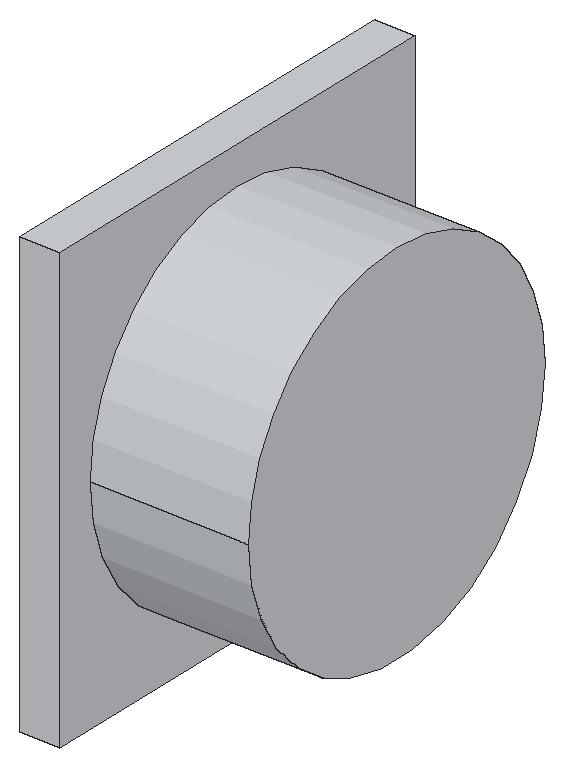
Revit family "M_Hub do medidor de conduíte - PVC", category Conexões do conduite, Revit 2019
Family settings
  Cota do conector redondo = Usar raio
  Tipo de parte = Múltiplas portas
  Número OmniClass = 23.80.30.17.11
  Título OmniClass = Conduits
  ID de item do Seek = Conduit Meter Hub - PVC-0000-CAN-ENU
  Com base no plano de trabalho = Não
  Sempre na vertical = Sim
  Corte com vazios quando carregada = Não
  Compartilhado = Não
Parameters (values of type "Padrão")
  Comprimento 2 [instance] = Diâmetro externo da conexão * 1.2  # 60.96 mm
  Raio nominal [instance] = 17.5 mm
  Diâmetro nominal [instance] = Raio nominal * 2  # 35 mm
  Comprimento 1 [instance] = Comprimento * 0.2  # 5.476 mm
  Comprimento [instance] = size_lookup(Pesquisa de tamanho de conduite, "Lgt", 0.29 * Diâmetro nominal + 18.058 mm, Diâmetro nominal)  # 27.381 mm
  Raio externo da conexão [instance] = Diâmetro externo da conexão / 2  # 25.4 mm
  Diâmetro externo da conexão [instance] = size_lookup(Pesquisa de tamanho de conduite, "FOD", 1.14 * Diâmetro nominal + 12.7 mm, Diâmetro nominal)  # 50.8 mm
  Pesquisa de tamanho de conduite = "M_Conduit Meter Hub - PVC"
Reference planes
  plane 1 "Centro (Frente/Trás)": y = 0
  plane 2: z = 0
  plane 3 "Centro (Esquerda/Direita)": x = 0
  plane 4: x = 27.381
  plane 5: x = 5.476
  plane 6: y = 30.48
  plane 7: y = -30.48
  plane 8: z = 30.48
  plane 9: z = -30.48
Forms (mm)
  Extrusion 1, solid, detail levels fine
    sketch origin (0, 0, 0) x (0, 1, 0) y (0, 0, 1)
      loop
        circle (0, 0) r 25.4
    from 0 to 27.381
  Extrusion 2, solid, detail levels fine
    sketch origin (0, 0, 0) x (0, 1, 0) y (0, 0, 1)
      loop
        line (30.48, 30.48) -> (-30.48, 30.48) -> (-30.48, -30.48) -> (30.48, -30.48) -> (30.48, 30.48)
    from 0 to 5.476
Cuts and joins
  joined: Extrusion 1, Extrusion 2
Lines and regions (mm)
  model lines, detail levels coarse+medium
    curve 1: line (0, 0, 0) -> (27.381, 0, 0)
Dimensions and locks
  "Comprimento": plane 3 "Centro (Esquerda/Direita)" to plane 4
  "Comprimento 1": plane 3 "Centro (Esquerda/Direita)" to plane 5
  equal spacing: plane 6, plane 1 "Centro (Frente/Trás)", plane 7
  "Comprimento 2": plane 6 to plane 7
  equal spacing: plane 8, plane 2, plane 9
  "Comprimento 2": plane 8 to plane 9
  "Raio externo da conexão": radius of Extrusion 1 sketch curve
  aligned and locked: plane 3 "Centro (Esquerda/Direita)" to curve 1
  aligned and locked: plane 4 to curve 1
  aligned and locked: plane 1 "Centro (Frente/Trás)" to curve 1
  aligned and locked: plane 1 "Centro (Frente/Trás)" to Extrusion 1 sketch curve
  aligned and locked: plane 2 to Extrusion 1 sketch curve
  aligned and locked: Extrusion 1 to plane 3 "Centro (Esquerda/Direita)"
  aligned and locked: plane 4 to Extrusion 1
  aligned and locked: plane 8 to Extrusion 2 sketch curve
  aligned and locked: Extrusion 2 sketch curve to plane 6
  aligned and locked: plane 9 to Extrusion 2 sketch curve
  aligned and locked: Extrusion 2 sketch curve to plane 7
  aligned and locked: Extrusion 2 to plane 3 "Centro (Esquerda/Direita)"
  aligned and locked: plane 5 to Extrusion 2
Connectors
  cabletrayconduit at (0, 0, 0), diameter 35, driven by "Raio nominal"
    settings: on cut or joined group of Extrusion 1, Extrusion 2, index 1, connector width 304.8 mm, connector height 304.8 mm, connector angle 0.00°, system type 32, placement type 0, profile type 0, connector reference index 2, is primary connector yes, connector utility param no, connector description ""
  cabletrayconduit at (27.381, 0, 0), diameter 35, driven by "Raio nominal"
    settings: on cut or joined group of Extrusion 1, Extrusion 2, index 2, connector width 304.8 mm, connector height 304.8 mm, connector angle 0.00°, system type 32, placement type 0, profile type 0, connector reference index 1, is primary connector no, connector utility param no, connector description ""
